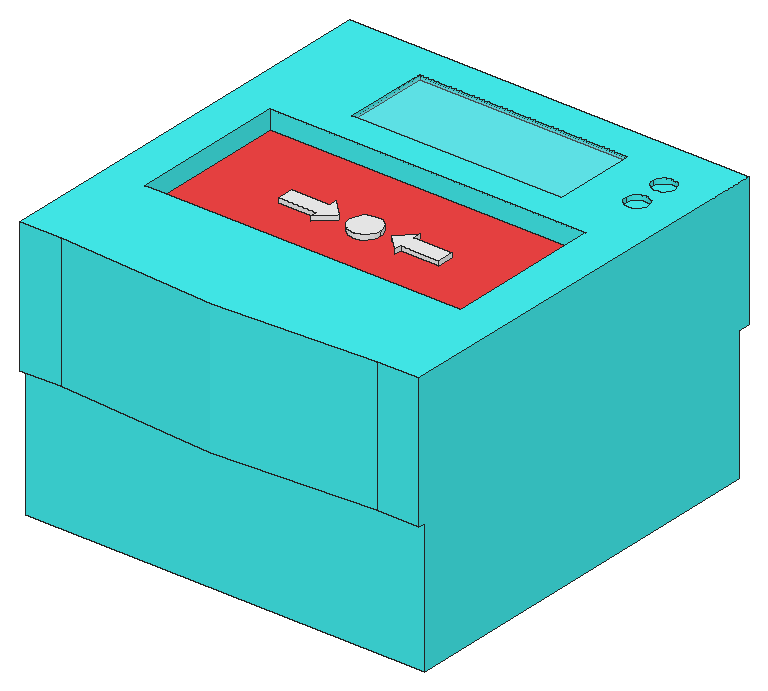
Revit family "Maxlogic Ручные извещатели пожарные", category Fire Alarm Devices, host Face, Revit 2021
Family settings
  Host = Face
  Maintain Annotation Orientation = Yes
  Round Connector Dimension = Use Diameter
  Part Type = Normal
  OmniClass Number = 23.85.30.21
  OmniClass Title = Environmental Detection/Registration
  Cut with Voids When Loaded = No
  Shared = No
  Room Calculation Point = No
Parameters (values of type "Maxlogic Неадресный пожарный ручной извещатель")
  Вес = "140 гр"
  Монтажный короб для установки извещателя с поверхностной прокладкой кабеля = ""
  Гарантийный срок = "Года"
  Гарантийный срок запчастей = "2"
  Гарантия срока службы = "2"
  Версия = ""
  URL = "https://www.mavili.com.tr/"
  Монтажный комплект для установки извещателя в подвесной потолок = ""
  Номер позы общественных работ = "830-102"
  Прозрачная защитная крышка = "ML-0710"
  Класс защиты = "IP22D"
  Код продукта = "ML-2710"
  Номер телефона = "(+)90 216 466 45 05"
  Рабочее напряжение (по умолчанию) = "24 В Пост. ток"
  Диапазон рабочего напряжения = "10-30 В Пост. ток"
  Рабочая Температура = "(-10°C) - (+55°C)"
  Номинальная глубина = "58 мм"
  Номинальная ширина = "87 мм"
  Номинальная высота = "91 мм"
  Монтажная поверхность = "Настенная"
  Монтажная высота = "Выше пола на 140 см (+/-200мм)"
  Model = "MaxLogic"
  Manufacturer = "Mavili Elektronik Ticaret A.Ş."
  Светодиод кнопки = no
  Инструкция по установке = "https://mavilielektronik.com/Revit/ML2710_RU.pdf"
  Выход индикации = ""
  Номер факса = "(+)90 216 466 45 10"
  Резервное питание = ""
  Почта = "mavili@mavili.com.tr"
  Отказ = ""
  Настройка адреса устройства = ""
  Description = "Неадресный пожарный ручной извещатель"
  Default Elevation = 0 mm
  Потребление тока = ""
  Валюта = ""
  Cost = 0
  Совместимые базы для монтажа = ""
  Цвет = "Красный"
  Производительность кода = "EN 54-11"
  Главный Материал = "Красный пластмассовый ABS"
  Вторичный материал = "Пластмассовый"
  Адрес №1 = "Şerifali Mahallesi Kutup Sokak No:27/1-2-4 Ümraniye TR-34775 İSTANBUL"
Types (4, lengths in mm): name | Вес | Номер позы общественных работ | Код продукта | Диапазон рабочего напряжения | Светодиод кнопки | Инструкция по установке | Настройка адреса устройства | Description
  (no name) | "140 гр" | "830-102" | "ML-2710" | "10-30 В Пост. ток" | no | "https://mavilielektronik.com/Revit/ML2710_RU.pdf" | "" | "Неадресный пожарный ручной извещатель"
  Maxlogic Неадресный пожарный ручной извещатель | "140 гр" | "830-102" | "ML-2710" | "10-30 В Пост. ток" | no | "https://mavilielektronik.com/Revit/ML2710_RU.pdf" | "" | "Неадресный пожарный ручной извещатель"
  Maxlogic Адресный пожарный ручной извещатель | "150 гр" | "833-557" | "ML-1710" | "18-33 В Пост. ток" | yes | "https://mavilielektronik.com/Revit/ML1710_RU.pdf" | "Модульная адресация" | "Адресный пожарный ручной извещатель"
  Maxlogic Адресный пожарный ручной извещатель, с изолятором КЗ | "150 гр" | "833-558" | "ML-1710.SCI" | "10-30 В Пост. ток" | yes | "https://mavilielektronik.com/Revit/ML1710_RU.pdf" | "Модульная адресация" | "Адресный пожарный ручной извещатель, с изолятором КЗ"
Reference planes
  plane 1 "Center (Front/Back)": y = 0
  plane 2: z = 0
  plane 3 "Center (Left/Right)": x = 0
Forms (mm)
  Extrusion 1, solid, material "MAVİLİ KIRMIZI"
    sketch origin (0, 0, 0) x (1, 0, 0) y (0, 1, 0)
      loop
        line (0, 89.883) -> (0, 0) -> (8.74, 0)
        arc (8.74, 0) -> (43.246, -2.016) -> (77.752, 0) r 296.28
        line (77.752, 0) -> (87.027, 0) -> (87.027, 89.883) -> (0, 89.883)
    from 0 to 58
  Extrusion 2, void
    sketch origin (0, 0, 0) x (0, 1, 0) y (0, 0, 1)
      loop
        line (89.883, 29.005) -> (87.283, 29.005) -> (87.283, -4.106) -> (89.883, -4.106) -> (89.883, 29.005)
    from 0 to 90.479
  Extrusion 3, void
    sketch origin (0, 0, 0) x (0, 1, 0) y (0, 0, 1)
      loop
        line (-3.567, 28.975) -> (-3.567, -2.735) -> (1.471, -2.735) -> (1.471, 28.975) -> (-3.567, 28.975)
    from 0 to 87.027
  Extrusion 4, void
    sketch origin (0, 0, 58) x (0, 1, 0) y (1, 0, 0)
      loop
        line (57.252, 8.74) -> (57.252, 77.752) -> (22.919, 77.752) -> (22.919, 8.74) -> (57.252, 8.74)
    from 0 to 5
  Extrusion 5, solid, material "Render Material 255-0-0"
    sketch origin (0, 0, 53) x (0, 1, 0) y (-1, 0, 0)
      loop
        line (57.252, -8.74) -> (22.919, -8.74) -> (22.919, -77.752) -> (57.252, -77.752) -> (57.252, -8.74)
    from 0 to 1
  Extrusion 6, solid, material "Render Material 255-255-255"
    sketch origin (0, 0, 54) x (1, 0, 0) y (0, 1, 0)
      loop
        circle (43.246, 40.085) r 3.37
    from 0 to 1
  Extrusion 7, solid, material "Render Material 255-255-255"
    sketch origin (0, 0, 54) x (1, 0, 0) y (0, 1, 0)
      loop
        line (49.1, 40.085) -> (52.47, 36.715) -> (52.47, 38.309) -> (60.788, 38.309) -> (60.788, 41.861) -> (52.47, 41.861) -> (52.47, 43.455) -> (49.1, 40.085)
    from 0 to 1
  Extrusion 8, solid, material "Render Material 255-255-255"
    sketch origin (86.492, 0, 54) x (-1, 0, 0) y (0, -1, 0)
      loop
        line (49.1, -40.085) -> (52.47, -43.455) -> (52.47, -41.861) -> (60.788, -41.861) -> (60.788, -38.309) -> (52.47, -38.309) -> (52.47, -36.715) -> (49.1, -40.085)
    from 0 to 1
  Extrusion 9, void
    sketch origin (0, 0, 58) x (0, 1, 0) y (1, 0, 0)
      loop
        circle (78.518, 77.752) r 2.471
    from 0 to 1
  Extrusion 10, void
    sketch origin (0, -7.362, 58) x (0, 1, 0) y (1, 0, 0)
      loop
        circle (78.518, 77.752) r 2.471
    from 0 to 1
  Extrusion 11, void
    sketch origin (0, 0, 58) x (0, 1, 0) y (1, 0, 0)
      loop
        line (82.6, 21.063) -> (82.6, 66.836) -> (64.116, 66.836) -> (64.116, 21.063) -> (82.6, 21.063)
    from 0 to 1
  Extrusion 12, solid, material "MAVİLİ ETİKET"
    sketch origin (0, 0, 57) x (0, 1, 0) y (-1, 0, 0)
      loop
        line (82.6, -21.063) -> (64.116, -21.063) -> (64.116, -66.836) -> (82.6, -66.836) -> (82.6, -21.063)
    from 0 to 0.5
  Revolve 13, solid, visible <- "Светодиод кнопки"
    sketch origin (0, 0, 58) x (1, 0, 0) y (0, 1, 0)
      loop
        arc (75.282, 78.518) -> (77.752, 76.048) -> (80.223, 78.518) r 2.471
        line (80.223, 78.518) -> (75.282, 78.518)
      axis (75.282, 78.518) -> (80.223, 78.518)
    angle from 0 to -180
  Revolve 14, solid, visible <- "Светодиод кнопки"
    sketch origin (0, -7.362, 58) x (1, 0, 0) y (0, 1, 0)
      loop
        arc (75.282, 78.518) -> (77.752, 76.048) -> (80.223, 78.518) r 2.471
        line (80.223, 78.518) -> (75.282, 78.518)
      axis (75.282, 78.518) -> (80.223, 78.518)
    angle from 0 to -180
Cuts and joins
  Extrusion 2, Extrusion 3, Extrusion 4, Extrusion 9, Extrusion 10, Extrusion 11 cuts Extrusion 1
Dimensions and locks
  aligned and locked: plane 2 to host face
  aligned and locked: level to host face
